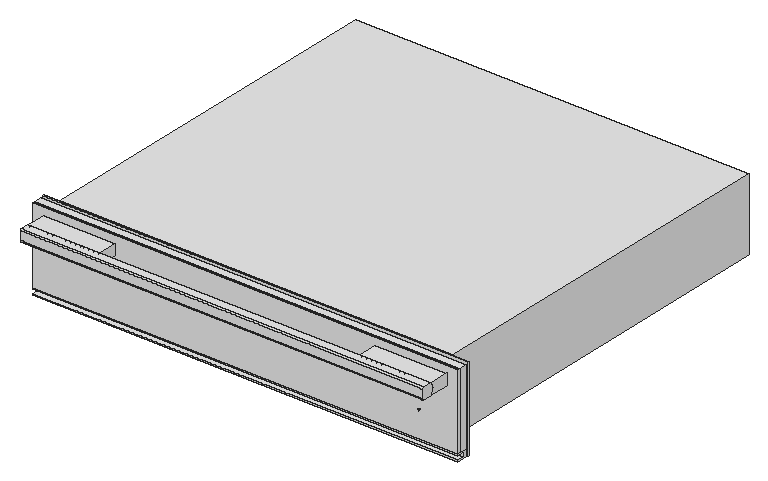
Revit family "Fisher & Paykel Warming Drawer WB60SDEX1", category Generic Models, host Floor, Revit 2013
Parameters (values of type "Fisher & Paykel - Warming Drawer WB60SDEX1")
  Width = 1' - 11.46457"
  Warming Drawer = Warming Drawer
  URL = "www.fisherpaykel.com"
  Model = "WB60SDEX1"
  Manufacturer = "Fisher&Paykel"
  Height = 0' - 4.64567"
  Description = "Fisher&Paykel Warming Drawer WB60SDEX1"
  Depth = 1' - 9.09449"
Reference planes (in)
  plane 1 "Center (Front/Back)": y = 0
  plane 2: z = 0
  plane 3 "Center (Left/Right)": x = 0
Dimensions and locks (in)
  equal spacing: host sketch curve, plane 1 "Center (Front/Back)", host sketch curve
  equal spacing: host sketch curve, plane 3 "Center (Left/Right)", host sketch curve
  host sketch curve to host sketch curve = 10' - 0"  (x2)
  aligned and locked: level to plane 2
Nested families (in)
  nested 1: "old_Fisher & Paykel Warming Drawer WB60SDEX1" at (0, 0, 0), type "Fisher&Paykel Warming Drawer WB60SDEX1"
Definition of nested family "old_Fisher & Paykel Warming Drawer WB60SDEX1"
  Parameters (values of type "Fisher&Paykel Warming Drawer WB60SDEX1")
    Width = 1' - 11.46457"
    URL = "www.fisherpaykel.com"
    Warming Drawer = Warming Drawer
    Model = "WB60SDEX1"
    Manufacturer = "Fisher&Paykel"
    Height = 0' - 4.64567"
    Description = "Fisher&Paykel Warming Drawer WB60SDEX1"
    Depth = 1' - 9.09449"
  Reference planes (in)
    plane 1 "Center (Front/Back)": y = 0
    plane 2: z = 0
    plane 3 "Center (Left/Right)": x = 0
    plane 4: x = -11.73228
    plane 5: x = 11.73228
    plane 6: y = 10.54724
    plane 7: y = -10.54724
    plane 8: z = 4.64567
    plane 9: x = -10.84646
    plane 10: x = 10.84646
    plane 11: y = -11.29921
    plane 12: y = -12.91339
    plane 13: x = -11.12205
    plane 14: x = 11.12205
    plane 15: z = 0.62992
    plane 16: z = 4.17323
    plane 17: z = 3.54331
    plane 18: z = 0.3937
    plane 19: y = 9.8622
    plane 20: y = -10.61024
    plane 21: y = -10.74409
    plane 22: y = -11.14173
    plane 23: z = 0.68898
    plane 24: z = 2.42126
    plane 25: z = 4.56693
  Forms (in)
    Extrusion 1, solid, material "Warming Drawer" <- "Warming Drawer"
      sketch origin (0, 0, 0) x (1, 0, 0) y (0, 1, 0)
        loop
          line (-10.84646, 9.8622) -> (-10.84646, -10.54724) -> (10.84646, -10.54724) -> (10.84646, 9.8622) -> (-10.84646, 9.8622)
      from 0.62992 to 4.64567
    Extrusion 2, solid, material "Warming Drawer" <- "Warming Drawer"
      sketch origin (0, -0.05906, -9.29134) x (1, 0, 0) y (0, 1, 0)
        loop
          line (-11.11417, -12.39394) -> (-7.17717, -12.39394) -> (-7.17717, -11.23622) -> (-11.11417, -11.23622) -> (-11.11417, -12.39394)
        loop
          line (11.11417, -12.39394) -> (11.11417, -11.23622) -> (7.17717, -11.23622) -> (7.17717, -12.39394) -> (11.11417, -12.39394)
      from 12.85827 to 13.46457
    Extrusion 3, solid, material "Warming Drawer" <- "Warming Drawer"
      sketch origin (0, 0.01959, -9.29134) x (0, 1, 0) y (0, 0, 1)
        loop
          arc (-12.92913, 12.90197) -> (-12.91288, 12.86271) -> (-12.87362, 12.84646) r 0.05551
          line (-12.87362, 12.84646) -> (-12.43569, 12.84646)
          arc (-12.43569, 12.84646) -> (-12.29886, 13.16142) -> (-12.43569, 13.47638) r 0.43093
          line (-12.43569, 13.47638) -> (-12.8736, 13.47638)
          arc (-12.8736, 13.47638) -> (-12.91287, 13.46011) -> (-12.92913, 13.42085) r 0.05553
          line (-12.92913, 13.42085) -> (-12.92913, 12.90197)
      from -11.12205 to 11.12205
    Extrusion 4, solid, material "Warming Drawer" <- "Warming Drawer"
      sketch origin (0, 0, 0) x (1, 0, 0) y (0, 1, 0)
        loop
          line (10.05906, 9.8622) -> (10.05906, 10.55512) -> (7.69685, 10.55512) -> (7.69685, 9.8622) -> (10.05906, 9.8622)
      from 2.12598 to 3.70079
    Extrusion 5, solid, material "Warming Drawer" <- "Warming Drawer"
      sketch origin (0, 0.06177, 0.66021) x (0, 1, 0) y (0, 0, 1)
        loop
          circle (10.25761, 2.2529) r 0.15748
      from 6.90945 to 7.69685
    Extrusion 6, solid, material "Warming Drawer" <- "Warming Drawer"
      sketch origin (0, 0, 0) x (0, 1, 0) y (0, 0, 1)
        loop
          line (-10.54724, 4.64567) -> (-10.61024, 4.64567) -> (-10.61024, 0) -> (-10.54724, 0) -> (-10.54724, 4.64567)
      from -11.73228 to 11.73228
    Extrusion 7, solid, material "Warming Drawer" <- "Warming Drawer"
      sketch origin (0, 0, 0) x (1, 0, 0) y (0, 1, 0)
        loop
          line (-10.54724, -10.61024) -> (-10.54724, -10.74409) -> (7.01181, -10.74409) -> (7.01181, -10.61024) -> (-10.54724, -10.61024)
      from 0.69291 to 2.4252
    Extrusion 8, solid, material "Warming Drawer" <- "Warming Drawer"
      sketch origin (0, 0, 0) x (0, 1, 0) y (0, 0, 1)
        loop
          line (-11.29528, 4.56693) -> (-11.29528, 0.38583) -> (-11.17717, 0.38583) -> (-11.17717, 4.56693) -> (-11.29528, 4.56693)
      from -11.73228 to 11.73228
    Extrusion 9, solid, material "Warming Drawer" <- "Warming Drawer"
      sketch origin (0, 0, 0) x (0, 1, 0) y (0, 0, 1)
        loop
          line (-10.74409, 0.38583) -> (-11.25591, 0.38583) -> (-11.25591, 0.31496) -> (-10.8937, 0.31496) -> (-10.8937, 0.07874) -> (-11.25591, 0.07874) -> (-11.25591, 0) -> (-10.74409, 0) -> (-10.74409, 0.38583)
      from -11.73228 to 11.73228
    Extrusion 10, solid, material "Warming Drawer" <- "Warming Drawer"
      sketch origin (0, 0, 0) x (0, 1, 0) y (0, 0, 1)
        loop
          line (-11.17717, 4.56693) -> (-11.17717, 0.38583) -> (-10.74409, 0.38583) -> (-10.74409, 4.56693) -> (-11.17717, 4.56693)
      from -11.73228 to 11.73228
    Extrusion 11, void
      sketch origin (0, 0, 0) x (1, 0, 0) y (0, 0, 1)
        loop
          circle (9.62986, 1.86268) r 0.07874
      from 11.17717 to 11.29528
  Cuts and joins
    Extrusion 11 cuts Extrusion 1
    Extrusion 11 cuts Extrusion 8
  Dimensions and locks (in)
    equal spacing: plane 4, plane 3 "Center (Left/Right)", plane 5
    equal spacing: plane 6, plane 1 "Center (Front/Back)", plane 7
    "Width": plane 4 to plane 5
    "Depth": plane 6 to plane 7
    "Height": plane 8 to level
    plane 9 to plane 10 = 1' - 9.69291"
    plane 7 to plane 20 to plane 21 to plane 22 to plane 11 to plane 12 = 0' - 0.06299", 0' - 0.13386", 0' - 0.39764", 0' - 0.15748", 0' - 1.61417"
    plane 13 to plane 14 = 1' - 10.24409"
    plane 15 to level = 0' - 0.62992"
    plane 16 to level = 0' - 4.17323"
    plane 17 to level = 0' - 3.54331"
    plane 18 to level = 0' - 0.3937"
    plane 19 to plane 6 = 0' - 0.68504"
    aligned and locked: plane 2 to level
    aligned and locked: plane 8 to Extrusion 1
    aligned and locked: plane 9 to Extrusion 1 sketch curve
    aligned and locked: plane 10 to Extrusion 1 sketch curve
    aligned and locked: Extrusion 1 to plane 15
    aligned and locked: plane 19 to Extrusion 1 sketch curve
    aligned and locked: Extrusion 1 sketch curve to plane 7
    aligned and locked: Extrusion 1 to Extrusion 6 sketch curve
    aligned and locked: Extrusion 6 sketch curve to Extrusion 1
    aligned and locked: Extrusion 6 sketch curve to level
    aligned and locked: Extrusion 6 sketch curve to plane 20
    aligned and locked: Extrusion 6 to plane 5
    aligned and locked: Extrusion 6 to plane 4
    aligned and locked: Extrusion 8 sketch curve to plane 25
    aligned and locked: plane 21 to Extrusion 9 sketch curve
    aligned and locked: level to Extrusion 9 sketch curve
    aligned and locked: Extrusion 9 to plane 5
    aligned and locked: Extrusion 9 to plane 4
    aligned and locked: Extrusion 10 sketch curve to Extrusion 9
    aligned and locked: Extrusion 10 to plane 5
    aligned and locked: Extrusion 10 to plane 4
  Automatic sketch dimensions
    plane 19 to Extrusion 4 sketch curve = 0' - 0"
    plane 6 to Extrusion 4 sketch curve = 0' - 0.00787"
    plane 10 to Extrusion 4 sketch curve = 0' - 3.14961"
    plane 10 to Extrusion 4 sketch curve = 0' - 0.7874"
    Extrusion 5 sketch curve to plane 6 = 0' - 0.22787"
    Extrusion 5 sketch curve to plane 17 = 0' - 0.63019"
    Extrusion 9 sketch curve to Extrusion 9 sketch curve = 0' - 0.14961"
    plane 11 to Extrusion 9 sketch curve = 0' - 0.04331"  (x2)
    level to Extrusion 9 sketch curve = 0' - 0.07874"
    Extrusion 9 sketch curve to Extrusion 9 sketch curve = 0' - 0.07087"
    Extrusion 9 sketch curve to plane 18 = 0' - 0.07874"
    Extrusion 10 sketch curve to plane 18 = 0' - 0.00787"
    Extrusion 10 sketch curve to plane 22 = 0' - 0.03543"
    Extrusion 10 sketch curve to plane 25 = 0' - 0"
    Extrusion 8 sketch curve to plane 18 = 0' - 0.00787"
    plane 11 to Extrusion 8 sketch curve = 0' - 0.00394"
    Extrusion 8 sketch curve to plane 22 = 0' - 0.03543"
    plane 12 to Extrusion 3 sketch curve = 0' - 0.00384"
    plane 17 to Extrusion 3 sketch curve = 0' - 0.01181"
    plane 12 to Extrusion 3 sketch curve = 0' - 0.05935"
    plane 12 to Extrusion 3 sketch curve = 0' - 0.05937"
    plane 12 to Extrusion 3 sketch curve = 0' - 0.20318"
    plane 12 to Extrusion 3 sketch curve = 0' - 0.49729"  (x2)
    plane 16 to Extrusion 3 sketch curve = 0' - 0.01181"
    plane 13 to Extrusion 2 sketch curve = 0' - 0.00787"
    plane 12 to Extrusion 2 sketch curve = 0' - 0.46039"  (x2)
    plane 11 to Extrusion 2 sketch curve = 0' - 0.00394"  (x2)
    plane 9 to Extrusion 2 sketch curve = 0' - 3.66929"
    plane 10 to Extrusion 2 sketch curve = 0' - 3.66929"
    plane 14 to Extrusion 2 sketch curve = 0' - 0.00787"
    Extrusion 7 sketch curve to plane 21 = 0' - 0"
    Extrusion 7 sketch curve to plane 20 = 0' - 0"
    plane 9 to Extrusion 7 sketch curve = 0' - 0.29921"
    Extrusion 7 sketch curve to Extrusion 7 sketch curve = 1' - 5.55906"
    Extrusion 11 sketch curve to plane 24 = 0' - 0 143/256"
    plane 10 to Extrusion 11 sketch curve = 0' - 1.2166"
    radius of Extrusion 5 sketch curve = 0' - 0.15748"
    radius of Extrusion 11 sketch curve = 0' - 0.07874"
